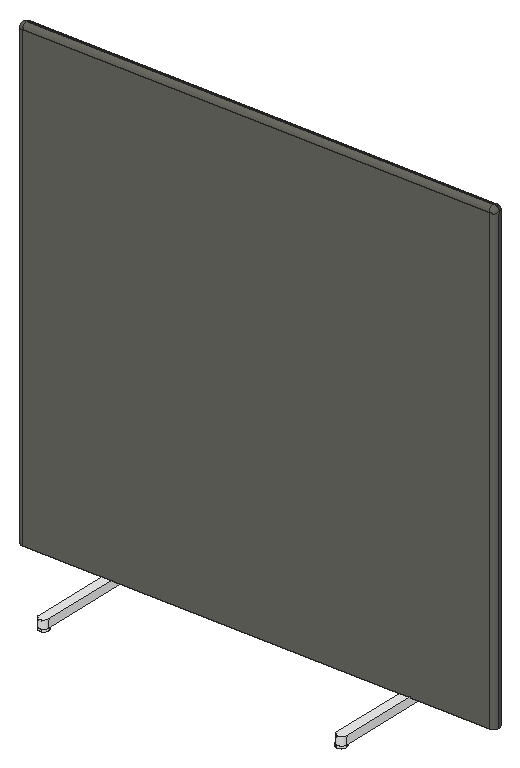
Revit family "Screen-Teknion-STSDB_Contrast_Upholstery-R2012", category Furniture Systems, Revit 2013
Parameters (values of type "48" x 48" , Sided")
  Width = 48"  # constant formula
  Warranty = "http://www.teknionstudio.com/pdfs/Teknion%20Studio%20Warranty.pdf"
  Upholstery Finish of Side B [instance] = Fabric - Teknion - M147 - Magnify
  Upholstery Finish of Side A [instance] = Fabric - Teknion - M142 - Magnify
  Unit Weight = 25.00 lbf
  URL = "www.teknionstudio.com"
  Low Emitting Material = yes
  Low Emitting Finish = yes
  Series = "Teknion Studio"
  Product Page URL = "http://teknionstudio.com/teknionstudio/"
  Product Line = "Screen"
  Product Documentation Link = "http://www.teknion.com/pricing/studio/pdfs/STSD_ppg.pdf"
  Part Number = "STSD"
  Model = "STSDB4848"
  Manufacturer Phone = "919-464-2920"
  Manufacturer Fax = "919-464-2927"
  Manufacturer Email = "customersupport@teknionstudio.com"
  Manufacturer Address = "3941 US 70 Business HWY West, Clayton, NC 27520"
  Manufacturer = "Teknion Studio"  # constant formula
  Height = 48"
  Description = "Studio Screen, Contrast Upholstery, 48\"h x 48\"w, Sided"
  Depth = 18"  # constant formula
  Assembly Code = "E2020200"
Types (4): name | Unit Weight | Model | Height | Description
  (no name) | 25.00 lbf | "STSDB4848" | 48" | "Studio Screen, Contrast Upholstery, 48\"h x 48\"w, Sided"
  48" x 48" , Sided | 25.00 lbf | "STSDB4848" | 48" | "Studio Screen, Contrast Upholstery, 48\"h x 48\"w, Sided"
  48" x 51" , Sided | 26.00 lbf | "STSDB5148" | 51" | "Studio Screen, Contrast Upholstery, 51\"h x 48\"w, Sided"
  48" x 66" , Sided | 29.00 lbf | "STSDB6648" | 66" | "Studio Screen, Contrast Upholstery, 66\"h x 48\"w, Sided"
Reference planes (in)
  plane 1 "Center F/B": y = 0
  plane 2 "Bottom": z = 0
  plane 3 "Center L/R": x = 0
  plane 4 "Back": y = 9
  plane 5 "Front": y = -9
  plane 6 "Top": z = 48
  plane 7: z = 1
  plane 8 "Left": x = -24
  plane 9 "Right": x = 24
  plane 10 "R": x = 23.4685
  plane 11 "L": x = -23.4685
  plane 12 "Panel Back": y = 0.5315
  plane 13 "Panel Front": y = -0.5315
  plane 14: z = 0.25
  plane 15: x = -14.96875
  plane 16: x = 14.96875
  plane 17 "B": y = 8.5
  plane 18 "A": y = -8.5
Forms (in)
  Sweep 1, solid, material "Fabric - Teknion - M142 - Magnify" <- "Upholstery Finish of Side A"
    path origin (0, -9, 0) x (1, 0, 0) y (0, 0, 1)
      loop
        line (0, 1) -> (0, 47.469)
    profile origin (0, -9, 24.2345) x (-1, 0, 0) y (0, -1, 0)
      loop
        arc (23.4685, -9.5315) -> (23.84433, -9.37582) -> (24, -9) r 0.5315
        line (24, -9) -> (-24, -9)
        arc (-24, -9) -> (-23.84433, -9.37582) -> (-23.4685, -9.5315) r 0.5315
        line (-23.4685, -9.5315) -> (23.4685, -9.5315)
  Sweep 2, solid, material "Fabric - Teknion - M142 - Magnify" <- "Upholstery Finish of Side A"
    path origin (0, 0, 15.40683) x (-1, 0, 0) y (0, -1, 0)
      loop
        line (23.4685, 0) -> (-23.4685, 0)
    profile origin (0, 0, 15.40683) x (0, 1, 0) y (0, 0, 1)
      loop
        line (0, 32.06217) -> (0.5315, 32.06217)
        arc (0.5315, 32.06217) -> (0.37582, 32.43799) -> (0, 32.59366) r 0.5315
        line (0, 32.59366) -> (0, 32.06217)
  Revolve 3, solid, material "Fabric - Teknion - M142 - Magnify" <- "Upholstery Finish of Side A"
    sketch origin (23.4685, 0, 0) x (0, 1, 0) y (0, 0, 1)
      loop
        line (0, 48.0005) -> (0, 47.469) -> (0.5315, 47.469)
        arc (0.5315, 47.469) -> (0.37582, 47.84482) -> (0, 48.0005) r 0.5315
      axis (0.5315, 47.469) -> (0, 47.469)
    angle from 0 to 360
  Sweep 4, solid, material "Metal - Teknion - C6 - Chrome"
    path origin (0, -9, 0) x (1, 0, 0) y (0, 0, 1)
      loop
        line (0, 0.25) -> (0, 1)
    profile origin (0, -9, 0.625) x (-1, 0, 0) y (0, -1, 0)
      loop
        arc (-15.48425, -17.50025) -> (-14.98425, -18.00025) -> (-14.48425, -17.50025) r 0.5
        line (-14.48425, -17.50025) -> (-14.48425, -0.49975)
        arc (-14.48425, -0.49975) -> (-14.98425, 0.00025) -> (-15.48425, -0.49975) r 0.5
        line (-15.48425, -0.49975) -> (-15.48425, -17.50025)
      loop
        arc (14.48425, -17.50025) -> (14.98425, -18.00025) -> (15.48425, -17.50025) r 0.5
        line (15.48425, -17.50025) -> (15.48425, -0.49975)
        arc (15.48425, -0.49975) -> (14.98425, 0.00025) -> (14.48425, -0.49975) r 0.5
        line (14.48425, -0.49975) -> (14.48425, -17.50025)
  Revolve 5, solid, material "Fabric - Teknion - M142 - Magnify" <- "Upholstery Finish of Side A"
    sketch origin (-23.4685, 0, 0) x (0, 1, 0) y (0, 0, 1)
      loop
        line (0, 48.0005) -> (0, 47.469) -> (0.5315, 47.469)
        arc (0.5315, 47.469) -> (0.37582, 47.84482) -> (0, 48.0005) r 0.5315
      axis (0.5315, 47.469) -> (0, 47.469)
    angle from 0 to 360
  Revolve 6, solid, material "Metal - Teknion - C6 - Chrome"
    sketch origin (0, -8.5, 0) x (-1, 0, 0) y (0, 0, 1)
      loop
        line (14.71875, 0.1875) -> (14.46875, 0.1875) -> (14.46875, 0) -> (14.96875, 0) -> (14.96875, 0.25) -> (14.71875, 0.25) -> (14.71875, 0.1875)
      axis (14.96875, 0.25) -> (14.96875, 0)
    angle from 0 to 360
  Revolve 7, solid, material "Metal - Teknion - C6 - Chrome"
    sketch origin (0, -8.5, 0) x (-1, 0, 0) y (0, 0, 1)
      loop
        line (-15.46875, 0) -> (-14.96875, 0) -> (-14.96875, 0.25) -> (-15.21875, 0.25) -> (-15.21875, 0.18604) -> (-15.46875, 0.18604) -> (-15.46875, 0)
      axis (-14.96875, 0.25) -> (-14.96875, 0)
    angle from 0 to 360
  Revolve 8, solid, material "Metal - Teknion - C6 - Chrome"
    sketch origin (0, 8.5, 0) x (-1, 0, 0) y (0, 0, 1)
      loop
        line (14.96875, 0.25) -> (14.96875, 0) -> (15.46875, 0) -> (15.46875, 0.1875) -> (15.21875, 0.1875) -> (15.21875, 0.25) -> (14.96875, 0.25)
      axis (14.96875, 0.25) -> (14.96875, 0)
    angle from 0 to 360
  Revolve 9, solid, material "Metal - Teknion - C6 - Chrome"
    sketch origin (0, 8.5, 0) x (-1, 0, 0) y (0, 0, 1)
      loop
        line (-14.96875, 0.25) -> (-14.96875, 0) -> (-14.46875, 0) -> (-14.46875, 0.18604) -> (-14.71875, 0.18604) -> (-14.71875, 0.25) -> (-14.96875, 0.25)
      axis (-14.96875, 0.25) -> (-14.96875, 0)
    angle from 0 to 360
  Sweep 10, solid, material "Fabric - Teknion - M147 - Magnify" <- "Upholstery Finish of Side B"
    path origin (0, -9, 0) x (1, 0, 0) y (0, 0, 1)
      loop
        line (0, 1) -> (0, 47.469)
    profile origin (0, -9, 24.2345) x (-1, 0, 0) y (0, -1, 0)
      loop
        line (23.4685, -8.4685) -> (-23.4685, -8.4685)
        arc (-23.4685, -8.4685) -> (-23.84433, -8.62418) -> (-24, -9) r 0.5315
        line (-24, -9) -> (24, -9)
        arc (24, -9) -> (23.84433, -8.62418) -> (23.4685, -8.4685) r 0.5315
  Sweep 11, solid, material "Fabric - Teknion - M147 - Magnify" <- "Upholstery Finish of Side B"
    path origin (0, 0, 15.40683) x (-1, 0, 0) y (0, -1, 0)
      loop
        line (23.4685, 0) -> (-23.4685, 0)
    profile origin (0, 0, 15.40683) x (0, 1, 0) y (0, 0, 1)
      loop
        line (0, 32.06217) -> (0, 32.59366)
        arc (0, 32.59366) -> (-0.37582, 32.43799) -> (-0.5315, 32.06217) r 0.5315
        line (-0.5315, 32.06217) -> (0, 32.06217)
  Revolve 12, solid, material "Fabric - Teknion - M147 - Magnify" <- "Upholstery Finish of Side B"
    sketch origin (-23.4685, 0, 0) x (0, 1, 0) y (0, 0, 1)
      loop
        line (-0.5315, 47.469) -> (0, 47.469) -> (0, 48.0005)
        arc (0, 48.0005) -> (-0.37582, 47.84482) -> (-0.5315, 47.469) r 0.5315
      axis (0, 47.469) -> (-0.5315, 47.469)
    angle from 0 to 360
  Revolve 13, solid, material "Fabric - Teknion - M147 - Magnify" <- "Upholstery Finish of Side B"
    sketch origin (23.4685, 0, 0) x (0, 1, 0) y (0, 0, 1)
      loop
        line (-0.5315, 47.469) -> (0, 47.469) -> (0, 48.0005)
        arc (0, 48.0005) -> (-0.37582, 47.84482) -> (-0.5315, 47.469) r 0.5315
      axis (0, 47.469) -> (-0.5315, 47.469)
    angle from 0 to 360
Cuts and joins
  joined: Sweep 1, Sweep 2, Revolve 3, Revolve 5
  joined: Revolve 6, Revolve 7, Revolve 8, Revolve 9
  joined: Sweep 10, Sweep 11, Revolve 12, Revolve 13
Lines and regions (in)
  Masking region 1
    outline origin (0, 0, 0) x (1, 0, 0) y (0, 1, 0)
      loop
        line (-23.4685, -0.5315) -> (-15.48425, -0.5315) -> (-15.48425, -8.50025)
        arc (-15.48425, -8.50025) -> (-14.98425, -9.00025) -> (-14.48425, -8.50025) r 0.5
        line (-14.48425, -8.50025) -> (-14.48425, -0.5315) -> (14.48425, -0.5315) -> (14.48425, -8.50025)
        arc (14.48425, -8.50025) -> (14.98425, -9.00025) -> (15.48425, -8.50025) r 0.5
        line (15.48425, -8.50025) -> (15.48425, -0.5315) -> (23.4685, -0.5315)
        arc (23.4685, -0.5315) -> (24, 0) -> (23.4685, 0.5315) r 0.5315
        line (23.4685, 0.5315) -> (15.48425, 0.5315) -> (15.48425, 8.50025)
        arc (15.48425, 8.50025) -> (14.98425, 9.00025) -> (14.48425, 8.50025) r 0.5
        line (14.48425, 8.50025) -> (14.48425, 0.5315) -> (-14.48425, 0.5315) -> (-14.48425, 8.50025)
        arc (-14.48425, 8.50025) -> (-14.98425, 9.00025) -> (-15.48425, 8.50025) r 0.5
        line (-15.48425, 8.50025) -> (-15.48425, 0.5315) -> (-23.4685, 0.5315)
        arc (-23.4685, 0.5315) -> (-24, 0) -> (-23.4685, -0.5315) r 0.5315
  symbolic lines, style "FurnitureSystems", detail levels medium+fine
    curve 1: line (-15.48425, 0.5315, 15.40683) -> (-14.48425, 0.5315, 15.40683)
    curve 2: line (-15.48425, -0.5315, 15.40683) -> (-14.48425, -0.5315, 15.40683)
    curve 3: line (14.48425, 0.5315, 15.40683) -> (15.48425, 0.5315, 15.40683)
    curve 4: line (14.48425, -0.5315, 15.40683) -> (15.48425, -0.5315, 15.40683)
    curve 5: line (-24, 0, 15.40683) -> (24, 0, 15.40683)
Dimensions and locks (in)
  equal spacing: plane 4 "Back", plane 1 "Center F/B", plane 5 "Front"
  locked: plane 7 to plane 2 "Bottom" at 1
  "Width": plane 8 "Left" to plane 9 "Right"
  equal spacing: plane 8 "Left", plane 3 "Center L/R", plane 9 "Right"
  "Depth": plane 4 "Back" to plane 5 "Front"
  "Height": plane 6 "Top" to plane 2 "Bottom"
  locked: plane 1 "Center F/B" to Sweep 1 sketch curve at 0.5315
  locked: plane 8 "Left" to Sweep 1 sketch curve at 0.5315
  locked: plane 6 "Top" to Sweep 1 sketch curve at 0.531
  locked: plane 8 "Left" to Sweep 2 sketch curve at 0.5315
  locked: plane 6 "Top" to Sweep 2 sketch curve at 0.531
  locked: plane 6 "Top" to Revolve 3 sketch curve at 0.531  (x2)
  locked: plane 8 "Left" to plane 11 "L" at 0.5315
  locked: plane 10 "R" to plane 9 "Right" at 0.5315
  locked: plane 6 "Top" to Revolve 5 sketch curve at 0.531  (x2)
  Masking region 1 sketch curve to Masking region 1 sketch curve to plane 9 "Right" = 1" locked, 8.51575" locked  (x2)
  plane 8 "Left" to Masking region 1 sketch curve to Masking region 1 sketch curve = 8.51575" locked, 1" locked  (x2)
  locked: plane 4 "Back" to Masking region 1 sketch curve at 0.49975  (x2)
  locked: plane 5 "Front" to Masking region 1 sketch curve at 0.49975  (x2)
  plane 8 "Left" to Sweep 4 sketch curve to Sweep 4 sketch curve = 8.51575" locked, 1" locked
  Sweep 4 sketch curve to Sweep 4 sketch curve to plane 9 "Right" = 1" locked, 8.51575" locked
  locked: plane 8 "Left" to Sweep 4 sketch curve at 9.01575
  plane 13 "Panel Front" to plane 1 "Center F/B" to plane 12 "Panel Back" = 0.5315" locked, 0.5315" locked
  locked: plane 14 to plane 2 "Bottom" at 0.25
  plane 15 to plane 16 = 29 15/16"
  locked: plane 4 "Back" to plane 17 "B" at 0.5
  locked: plane 18 "A" to plane 5 "Front" at 0.5
  locked: plane 14 to Revolve 6 sketch curve at 0.0625
  locked: plane 15 to Revolve 6 sketch curve at 0.25
  locked: plane 15 to Revolve 6 sketch curve at 0.5
  locked: plane 14 to Revolve 7 sketch curve at 0.06396
  locked: plane 16 to Revolve 7 sketch curve at 0.25
  locked: plane 16 to Revolve 7 sketch curve at 0.5
  locked: Revolve 8 sketch curve to plane 15 at 0.25
  locked: Revolve 8 sketch curve to plane 15 at 0.5
  locked: plane 14 to Revolve 6 at 0.0625
  locked: Revolve 9 sketch curve to plane 16 at 0.5
  locked: Revolve 9 sketch curve to plane 16 at 0.25
  locked: plane 14 to Revolve 7 at 0.06396
  locked: Sweep 1 sketch curve to plane 9 "Right" at 0.5315
  locked: plane 12 "Panel Back" to Sweep 1 sketch curve at 0.5315
  locked: plane 6 "Top" to Sweep 10 sketch curve at 0.531
  locked: plane 13 "Panel Front" to Sweep 10 sketch curve at 0.5315  (x2)
  locked: plane 8 "Left" to Sweep 10 sketch curve at 0.5315
  locked: Sweep 10 sketch curve to plane 9 "Right" at 0.5315
  locked: plane 12 "Panel Back" to Sweep 2 sketch curve at 0.5315
  locked: Revolve 5 sketch curve to plane 13 "Panel Front" at 0.5315
  locked: Revolve 3 sketch curve to plane 12 "Panel Back" at 0.5315
  locked: Sweep 11 sketch curve to plane 6 "Top" at 0.531
  locked: Sweep 11 sketch curve to plane 13 "Panel Front" at 0.5315
  locked: plane 6 "Top" to Sweep 11 sketch curve at 0.531
  locked: Revolve 12 sketch curve to plane 6 "Top" at 0.531
  locked: Revolve 12 sketch curve to plane 13 "Panel Front" at 0.5315
  locked: plane 6 "Top" to Revolve 12 sketch curve at 0.531
  locked: plane 6 "Top" to Revolve 13 sketch curve at 0.531  (x2)
  locked: Revolve 13 sketch curve to plane 13 "Panel Front" at 0.5315
  aligned and locked: level to plane 2 "Bottom"
  aligned and locked: plane 3 "Center L/R" to Sweep 1 sketch curve
  aligned and locked: plane 1 "Center F/B" to Sweep 1 sketch curve  (x2)
  aligned and locked: plane 7 to Sweep 1 sketch curve
  aligned and locked: plane 1 "Center F/B" to Sweep 2 sketch curve  (x2)
  aligned and locked: plane 7 to Sweep 4 sketch curve
  aligned and locked: plane 3 "Center L/R" to Sweep 4 sketch curve
  aligned and locked: plane 11 "L" to Masking region 1 sketch curve
  aligned and locked: plane 10 "R" to Masking region 1 sketch curve
  aligned and locked: curve 1 to plane 12 "Panel Back"
  aligned and locked: plane 13 "Panel Front" to curve 2
  aligned and locked: curve 3 to plane 12 "Panel Back"
  aligned and locked: plane 13 "Panel Front" to curve 4
  aligned and locked: plane 12 "Panel Back" to Masking region 1 sketch curve  (x3)
  aligned and locked: plane 13 "Panel Front" to Masking region 1 sketch curve  (x3)
  aligned and locked: Sweep 4 to curve 4  (x2)
  aligned and locked: Sweep 4 to curve 3  (x2)
  aligned and locked: Sweep 4 to curve 2  (x2)
  aligned and locked: Sweep 4 to curve 1  (x2)
  aligned and locked: plane 14 to Sweep 4 sketch curve
  aligned and locked: Revolve 6 sketch curve to plane 15
  aligned and locked: Revolve 6 sketch curve to plane 14
  aligned and locked: plane 2 "Bottom" to Revolve 6 sketch curve  (x2)
  aligned and locked: Revolve 6 sketch curve to Revolve 6 sketch curve
  aligned and locked: plane 14 to Revolve 6 sketch curve
  aligned and locked: Revolve 7 sketch curve to plane 16
  aligned and locked: plane 2 "Bottom" to Revolve 7 sketch curve
  aligned and locked: Revolve 7 sketch curve to plane 14
  aligned and locked: Revolve 7 sketch curve to Revolve 7 sketch curve  (x3)
  aligned and locked: plane 2 "Bottom" to Revolve 8 sketch curve  (x2)
  aligned and locked: plane 15 to Revolve 8 sketch curve
  aligned and locked: Revolve 8 sketch curve to plane 14
  aligned and locked: Revolve 8 sketch curve to Revolve 8 sketch curve  (x2)
  aligned and locked: plane 2 "Bottom" to Revolve 9 sketch curve  (x2)
  aligned and locked: plane 16 to Revolve 9 sketch curve
  aligned and locked: Revolve 9 sketch curve to plane 14
  aligned and locked: Revolve 9 sketch curve to Revolve 9 sketch curve  (x2)
  aligned and locked: plane 10 "R" to Sweep 1 sketch curve
  aligned and locked: plane 7 to Sweep 10 sketch curve
  aligned and locked: plane 3 "Center L/R" to Sweep 10 sketch curve
  aligned and locked: plane 13 "Panel Front" to Sweep 10 sketch curve
  aligned and locked: plane 10 "R" to Sweep 10 sketch curve
  aligned and locked: plane 11 "L" to Sweep 10 sketch curve
  aligned and locked: plane 10 "R" to Sweep 2 sketch curve
  aligned and locked: plane 12 "Panel Back" to Sweep 2 sketch curve
  aligned and locked: Revolve 5 sketch curve to plane 1 "Center F/B"
  aligned and locked: Revolve 5 sketch curve to Revolve 5 sketch curve
  aligned and locked: Revolve 3 sketch curve to plane 1 "Center F/B"
  aligned and locked: plane 11 "L" to Sweep 11 sketch curve
  aligned and locked: plane 10 "R" to Sweep 11 sketch curve
  aligned and locked: plane 1 "Center F/B" to Sweep 11 sketch curve
  aligned and locked: plane 12 "Panel Back" to Revolve 12 sketch curve
  aligned and locked: Revolve 12 sketch curve to Revolve 12 sketch curve
  aligned and locked: plane 13 "Panel Front" to Revolve 12 sketch curve
  aligned and locked: Revolve 13 sketch curve to Revolve 13 sketch curve
  aligned and locked: plane 8 "Left" to curve 5
  aligned and locked: plane 9 "Right" to curve 5
  aligned and locked: plane 1 "Center F/B" to curve 5
Automatic sketch dimensions
  Revolve 3 sketch curve to plane 13 "Panel Front" = 0"
  Revolve 3 sketch curve to plane 12 "Panel Back" = 0"  (x2)
  Sweep 4 sketch curve to plane 5 "Front" = 17.50025"  (x2)
  Sweep 4 sketch curve to plane 5 "Front" = 0.49975"  (x2)
  Revolve 5 sketch curve to plane 13 "Panel Front" = 0"
  Revolve 5 sketch curve to plane 12 "Panel Back" = 0"  (x2)
  Revolve 8 sketch curve to plane 14 = 1/16"
  Revolve 9 sketch curve to plane 14 = 0.06396"
  profile plane to Sweep 11 sketch curve = 0.5315"
  Revolve 12 sketch curve to plane 13 "Panel Front" = 0"
  Revolve 13 sketch curve to plane 13 "Panel Front" = 0"  (x2)
  Revolve 13 sketch curve to plane 12 "Panel Back" = 0"
